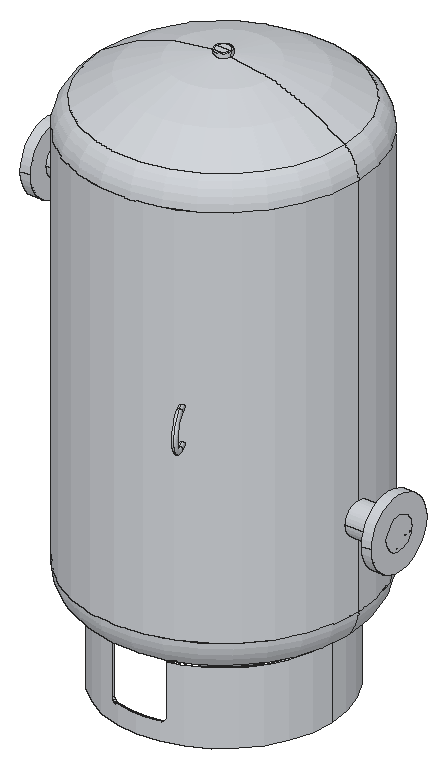
Revit family "HWBT-200-3-125 and 150", category Mechanical Equipment, Revit 2014
Parameters (values of type "HWBT-200-3-125 and 150")
  Tank Weight = "490 lbs @ 125, 539 lbs @ 150"
  Tank Volume = "200 Gal"
  Tank Height = "62 3/8\""
  Tank Diameter = "30\""
  Note = "All dimensions and weights are approximate"
  Maximum Acceptance Volume = "N/A"
  Max Operating Temp = "450° F"
  Max Operating Pressure = "125psi, or 150psi (depending on model)"
  Connector Size = "2\""
Reference planes (in)
  plane 1 "Center (Front/Back)": y = 0
  plane 2: z = 0
  plane 3 "Center (Left/Right)": x = 0
Forms (in)
  Extrusion 1, solid
    sketch origin (0, 0, 0) x (1, 0, 0) y (0, 1, 0)
      loop
        circle (0, 0) r 12
      loop
        circle (0, 0) r 11.8125
    from 0 to 8
  Extrusion 2, void
    sketch origin (0, 0, 0) x (1, 0, 0) y (0, 0, 1)
      loop
        line (-3, 8) -> (-3, 2.5)
        arc (-3, 2.5) -> (-2.85355, 2.14645) -> (-2.5, 2) r 0.5
        line (-2.5, 2) -> (2.5, 2)
        arc (2.5, 2) -> (2.85355, 2.14645) -> (3, 2.5) r 0.5
        line (3, 2.5) -> (3, 9) -> (-3, 9) -> (-3, 8)
    from 0 to 15
  Revolve 3, solid
    sketch origin (0, 0, 0) x (1, 0, 0) y (0, 0, 1)
      loop
        line (0, 62.94192) -> (-0.80591, 62.94192)
        arc (-0.80591, 62.94192) -> (-0.85014, 62.9236) -> (-0.86845, 62.87938) r 0.06254
        line (-0.86845, 62.87938) -> (-0.88433, 62.42476)
        arc (-0.88433, 62.42476) -> (-7.51355, 61.16163) -> (-13.4779, 58.00431) r 22.686
        arc (-13.4779, 58.00431) -> (-14.59792, 56.67722) -> (-15, 54.98786) r 3.75
        line (-15, 54.98786) -> (-15, 12.13614)
        arc (-15, 12.13614) -> (-14.59792, 10.44678) -> (-13.4779, 9.11969) r 3.75
        arc (-13.4779, 9.11969) -> (-7.51355, 5.96237) -> (-0.88433, 4.69924) r 22.686
        line (-0.88433, 4.69924) -> (-0.86845, 4.24462)
        arc (-0.86845, 4.24462) -> (-0.85014, 4.2004) -> (-0.80591, 4.18208) r 0.06254
        line (-0.80591, 4.18208) -> (0, 4.18208) -> (0, 62.94192)
      axis (0, 62.94192) -> (0, 4.18208)
    angle from 0 to 360
  Sweep 4, solid
    path origin (-1.4721, 2.49238, -12.95065) x (0.434898, -0.90048, 0) y (0, 0, 1)
      loop
        line (17.83546, 48.42089) -> (18.83546, 48.42089)
        arc (18.83546, 48.42089) -> (20.71046, 46.54589) -> (18.83546, 44.67089) r 1.875
        line (18.83546, 44.67089) -> (17.83546, 44.67089)
    profile origin (6.50194, -14.01833, 35.47024) x (0, 0, 1) y (-0.90048, -0.434898, 0)
      loop
        circle (0, 0) r 0.25
  Extrusion 5, solid
    sketch origin (0, 0, 0) x (0, 1, 0) y (0, 0, 1)
      loop
        circle (0, 21.5) r 1.75
    from 0 to 19.5
  Extrusion 6, solid
    sketch origin (0, 0, 0) x (0, 1, 0) y (0, 0, 1)
      loop
        circle (0, 45.5) r 1.75
    from 0 to -19.5
  Extrusion 7, solid
    sketch origin (0, 0, 0) x (0, 1, 0) y (0, 0, 1)
      loop
        circle (0, 21.5) r 3.8125
    from 18.375 to 19.5
  Extrusion 8, solid
    sketch origin (0, 0, 0) x (0, 1, 0) y (0, 0, 1)
      loop
        circle (0, 45.5) r 3.8125
    from -18.375 to -19.5
Cuts and joins
  Extrusion 2 cuts Extrusion 1
Dimensions and locks (in)
  aligned and locked: level to plane 2
